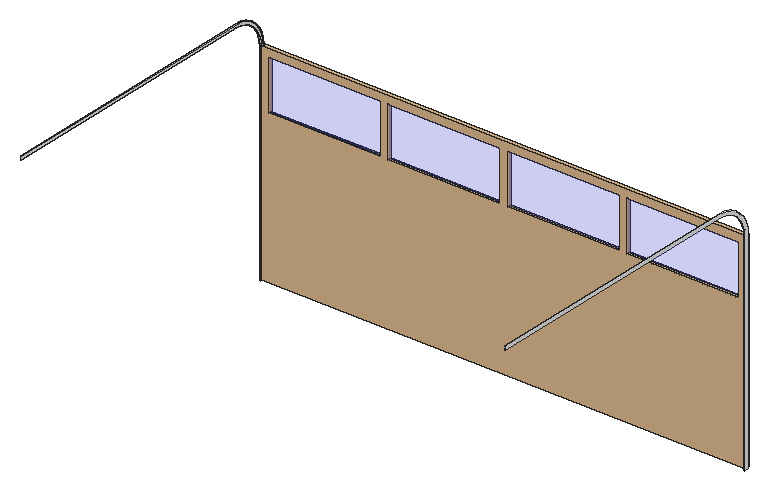
Revit family
Parameters (values of type "7Ft H x 16Ft W")
  Track Width = Width + 0' 2"  # 16' - 2"
  Track Height = Height + 1' 0"  # 8' - 0"
  Track Depth = 10' - 0"
  Track = Metal
  SmartBIM Object Version = 1  # constant formula
  SmartBIM Object Created By = "Reed Construction Data"  # constant formula
  Rough Width = 0' - 0"
  Rough Height = 0' - 0"
  Panel Thickness = 0' - 1 1/2"
  Manufacturer = ""
  Height = 7' - 0"
  Wall Closure = (empty or 0)
  Width = 16' - 0"
  Door Glass = Glass
  Door = Wood
  95 CSI = "08360"  # constant formula
  04 CSI = "08 36 13"  # constant formula
Types (3): name | Track Width | Width
  (no name) | 16' - 2" | 16' - 0"
  7Ft H x 8Ft W | 8' - 2" | 8' - 0"
  7Ft H x 16Ft W | 16' - 2" | 16' - 0"
Reference planes (in)
  plane 1 "Center (Front/Back)": y = 0
  plane 2 "Center (Left/Right)": x = 0
  plane 3 "Left": x = -96
  plane 4 "Right": x = 96
  plane 5 "Top": z = 84
  plane 6: x = -97
  plane 7: x = 97
  plane 8: y = -3.25
  plane 9: z = 60.75
  plane 10: z = 20.25
  plane 11: z = 40.5
  plane 12: z = 81
  plane 13: x = 48
  plane 14: x = -48
  plane 15: y = -2.5
  plane 16: y = -2.5
  plane 17 "Ext": y = -3.25
  plane 18: y = -2.5
  plane 19 "Int": y = -1.75
Forms (in)
  Extrusion 1, solid, material "Wood" <- "Door"
    sketch origin (0, 0, 0) x (1, 0, 0) y (0, 0, 1)
      loop
        line (-97, 84) -> (-97, 0) -> (97, 0) -> (97, 84) -> (-97, 84)
      loop
        line (94.5, 60.75) -> (94.5, 81) -> (49.5, 81) -> (49.5, 60.75) -> (94.5, 60.75)
      loop
        line (46.5, 60.75) -> (46.5, 81) -> (1.5, 81) -> (1.5, 60.75) -> (46.5, 60.75)
      loop
        line (-49.5, 60.75) -> (-49.5, 81) -> (-94.5, 81) -> (-94.5, 60.75) -> (-49.5, 60.75)
      loop
        line (-1.5, 81) -> (-46.5, 81) -> (-46.5, 60.75) -> (-1.5, 60.75) -> (-1.5, 81)
    from 1.75 to 3.25
  Extrusion 2, solid, material "Glass" <- "Door Glass"
    sketch origin (0, 0, 0) x (1, 0, 0) y (0, 0, 1)
      loop
        line (94.5, 81) -> (49.5, 81) -> (49.5, 60.75) -> (94.5, 60.75) -> (94.5, 81)
      loop
        line (46.5, 81) -> (1.5, 81) -> (1.5, 60.75) -> (46.5, 60.75) -> (46.5, 81)
      loop
        line (-1.5, 81) -> (-46.5, 81) -> (-46.5, 60.75) -> (-1.5, 60.75) -> (-1.5, 81)
      loop
        line (-49.5, 81) -> (-94.5, 81) -> (-94.5, 60.75) -> (-49.5, 60.75) -> (-49.5, 81)
    from 2.375 to 2.625
Lines and regions (in)
  Opening 1
    outline origin (-90, -1.75, 0) x (1, 0, 0) y (0, 0, 1)
      loop
        line (-6, 0) -> (186, 0) -> (186, 84) -> (-6, 84) -> (-6, 0)
  model lines
    curve 1: line (49.5, -3.25, 59.25) -> (49.5, -3.25, 42)
    curve 2: line (49.5, -3.25, 42) -> (94.5, -3.25, 42)
    curve 3: line (94.5, -3.25, 42) -> (94.5, -3.25, 59.25)
    curve 4: line (94.5, -3.25, 59.25) -> (49.5, -3.25, 59.25)
    curve 5: line (93, -3.25, 57.75) -> (51, -3.25, 57.75)
    curve 6: line (51, -3.25, 57.75) -> (51, -3.25, 43.5)
    curve 7: line (51, -3.25, 43.5) -> (93, -3.25, 43.5)
    curve 8: line (93, -3.25, 43.5) -> (93, -3.25, 57.75)
    curve 9: line (1.5, -3.25, 59.25) -> (1.5, -3.25, 42)
    curve 10: line (1.5, -3.25, 42) -> (46.5, -3.25, 42)
    curve 11: line (46.5, -3.25, 42) -> (46.5, -3.25, 59.25)
    curve 12: line (46.5, -3.25, 59.25) -> (1.5, -3.25, 59.25)
    curve 13: line (45, -3.25, 57.75) -> (3, -3.25, 57.75)
    curve 14: line (3, -3.25, 57.75) -> (3, -3.25, 43.5)
    curve 15: line (3, -3.25, 43.5) -> (45, -3.25, 43.5)
    curve 16: line (45, -3.25, 43.5) -> (45, -3.25, 57.75)
    curve 17: line (-1.5, -3.25, 59.25) -> (-1.5, -3.25, 42)
    curve 18: line (-1.5, -3.25, 42) -> (-46.5, -3.25, 42)
    curve 19: line (-46.5, -3.25, 42) -> (-46.5, -3.25, 59.25)
    curve 20: line (-46.5, -3.25, 59.25) -> (-1.5, -3.25, 59.25)
    curve 21: line (-45, -3.25, 57.75) -> (-3, -3.25, 57.75)
    curve 22: line (-3, -3.25, 57.75) -> (-3, -3.25, 43.5)
    curve 23: line (-3, -3.25, 43.5) -> (-45, -3.25, 43.5)
    curve 24: line (-45, -3.25, 43.5) -> (-45, -3.25, 57.75)
    curve 25: line (-94.5, -3.25, 59.25) -> (-94.5, -3.25, 42)
    curve 26: line (-94.5, -3.25, 42) -> (-49.5, -3.25, 42)
    curve 27: line (-49.5, -3.25, 42) -> (-49.5, -3.25, 59.25)
    curve 28: line (-49.5, -3.25, 59.25) -> (-94.5, -3.25, 59.25)
    curve 29: line (-51, -3.25, 57.75) -> (-93, -3.25, 57.75)
    curve 30: line (-93, -3.25, 57.75) -> (-93, -3.25, 43.5)
    curve 31: line (-93, -3.25, 43.5) -> (-51, -3.25, 43.5)
    curve 32: line (-51, -3.25, 43.5) -> (-51, -3.25, 57.75)
    curve 33: line (-94.5, -3.25, 39) -> (-94.5, -3.25, 21.75)
    curve 34: line (-94.5, -3.25, 21.75) -> (-49.5, -3.25, 21.75)
    curve 35: line (-49.5, -3.25, 21.75) -> (-49.5, -3.25, 39)
    curve 36: line (-49.5, -3.25, 39) -> (-94.5, -3.25, 39)
    curve 37: line (-51, -3.25, 37.5) -> (-93, -3.25, 37.5)
    curve 38: line (-93, -3.25, 37.5) -> (-93, -3.25, 23.25)
    curve 39: line (-93, -3.25, 23.25) -> (-51, -3.25, 23.25)
    curve 40: line (-51, -3.25, 23.25) -> (-51, -3.25, 37.5)
    curve 41: line (-46.5, -3.25, 39) -> (-46.5, -3.25, 21.75)
    curve 42: line (-46.5, -3.25, 21.75) -> (-1.5, -3.25, 21.75)
    curve 43: line (-1.5, -3.25, 21.75) -> (-1.5, -3.25, 39)
    curve 44: line (-1.5, -3.25, 39) -> (-46.5, -3.25, 39)
    curve 45: line (-3, -3.25, 37.5) -> (-45, -3.25, 37.5)
    curve 46: line (-45, -3.25, 37.5) -> (-45, -3.25, 23.25)
    curve 47: line (-45, -3.25, 23.25) -> (-3, -3.25, 23.25)
    curve 48: line (-3, -3.25, 23.25) -> (-3, -3.25, 37.5)
    curve 49: line (46.5, -3.25, 39) -> (46.5, -3.25, 21.75)
    curve 50: line (46.5, -3.25, 21.75) -> (1.5, -3.25, 21.75)
    curve 51: line (1.5, -3.25, 21.75) -> (1.5, -3.25, 39)
    curve 52: line (1.5, -3.25, 39) -> (46.5, -3.25, 39)
    curve 53: line (3, -3.25, 37.5) -> (45, -3.25, 37.5)
    curve 54: line (45, -3.25, 37.5) -> (45, -3.25, 23.25)
    curve 55: line (45, -3.25, 23.25) -> (3, -3.25, 23.25)
    curve 56: line (3, -3.25, 23.25) -> (3, -3.25, 37.5)
    curve 57: line (49.5, -3.25, 39) -> (49.5, -3.25, 21.75)
    curve 58: line (49.5, -3.25, 21.75) -> (94.5, -3.25, 21.75)
    curve 59: line (94.5, -3.25, 21.75) -> (94.5, -3.25, 39)
    curve 60: line (94.5, -3.25, 39) -> (49.5, -3.25, 39)
    curve 61: line (93, -3.25, 37.5) -> (51, -3.25, 37.5)
    curve 62: line (51, -3.25, 37.5) -> (51, -3.25, 23.25)
    curve 63: line (51, -3.25, 23.25) -> (93, -3.25, 23.25)
    curve 64: line (93, -3.25, 23.25) -> (93, -3.25, 37.5)
    curve 65: line (-94.5, -3.25, 1.5) -> (-94.5, -3.25, 18.75)
    curve 66: line (-94.5, -3.25, 18.75) -> (-49.5, -3.25, 18.75)
    curve 67: line (-49.5, -3.25, 18.75) -> (-49.5, -3.25, 1.5)
    curve 68: line (-49.5, -3.25, 1.5) -> (-94.5, -3.25, 1.5)
    curve 69: line (-51, -3.25, 3) -> (-93, -3.25, 3)
    curve 70: line (-93, -3.25, 3) -> (-93, -3.25, 17.25)
    curve 71: line (-93, -3.25, 17.25) -> (-51, -3.25, 17.25)
    curve 72: line (-51, -3.25, 17.25) -> (-51, -3.25, 3)
    curve 73: line (-1.5, -3.25, 1.5) -> (-1.5, -3.25, 18.75)
    curve 74: line (-1.5, -3.25, 18.75) -> (-46.5, -3.25, 18.75)
    curve 75: line (-46.5, -3.25, 18.75) -> (-46.5, -3.25, 1.5)
    curve 76: line (-46.5, -3.25, 1.5) -> (-1.5, -3.25, 1.5)
    curve 77: line (-45, -3.25, 3) -> (-3, -3.25, 3)
    curve 78: line (-3, -3.25, 3) -> (-3, -3.25, 17.25)
    curve 79: line (-3, -3.25, 17.25) -> (-45, -3.25, 17.25)
    curve 80: line (-45, -3.25, 17.25) -> (-45, -3.25, 3)
    curve 81: line (1.5, -3.25, 1.5) -> (1.5, -3.25, 18.75)
    curve 82: line (1.5, -3.25, 18.75) -> (46.5, -3.25, 18.75)
    curve 83: line (46.5, -3.25, 18.75) -> (46.5, -3.25, 1.5)
    curve 84: line (46.5, -3.25, 1.5) -> (1.5, -3.25, 1.5)
    curve 85: line (45, -3.25, 3) -> (3, -3.25, 3)
    curve 86: line (3, -3.25, 3) -> (3, -3.25, 17.25)
    curve 87: line (3, -3.25, 17.25) -> (45, -3.25, 17.25)
    curve 88: line (45, -3.25, 17.25) -> (45, -3.25, 3)
    curve 89: line (94.5, -3.25, 1.5) -> (94.5, -3.25, 18.75)
    curve 90: line (94.5, -3.25, 18.75) -> (49.5, -3.25, 18.75)
    curve 91: line (49.5, -3.25, 18.75) -> (49.5, -3.25, 1.5)
    curve 92: line (49.5, -3.25, 1.5) -> (94.5, -3.25, 1.5)
    curve 93: line (51, -3.25, 3) -> (93, -3.25, 3)
    curve 94: line (93, -3.25, 3) -> (93, -3.25, 17.25)
    curve 95: line (93, -3.25, 17.25) -> (51, -3.25, 17.25)
    curve 96: line (51, -3.25, 17.25) -> (51, -3.25, 3)
    curve 97: line (49.5, -1.75, 59.25) -> (49.5, -1.75, 42)
    curve 98: line (49.5, -1.75, 42) -> (94.5, -1.75, 42)
    curve 99: line (94.5, -1.75, 42) -> (94.5, -1.75, 59.25)
    curve 100: line (94.5, -1.75, 59.25) -> (49.5, -1.75, 59.25)
    curve 101: line (93, -1.75, 57.75) -> (51, -1.75, 57.75)
    curve 102: line (51, -1.75, 57.75) -> (51, -1.75, 43.5)
    curve 103: line (51, -1.75, 43.5) -> (93, -1.75, 43.5)
    curve 104: line (93, -1.75, 43.5) -> (93, -1.75, 57.75)
    curve 105: line (1.5, -1.75, 59.25) -> (1.5, -1.75, 42)
    curve 106: line (1.5, -1.75, 42) -> (46.5, -1.75, 42)
    curve 107: line (46.5, -1.75, 42) -> (46.5, -1.75, 59.25)
    curve 108: line (46.5, -1.75, 59.25) -> (1.5, -1.75, 59.25)
    curve 109: line (45, -1.75, 57.75) -> (3, -1.75, 57.75)
    curve 110: line (3, -1.75, 57.75) -> (3, -1.75, 43.5)
    curve 111: line (3, -1.75, 43.5) -> (45, -1.75, 43.5)
    curve 112: line (45, -1.75, 43.5) -> (45, -1.75, 57.75)
    curve 113: line (-1.5, -1.75, 59.25) -> (-1.5, -1.75, 42)
    curve 114: line (-1.5, -1.75, 42) -> (-46.5, -1.75, 42)
    curve 115: line (-46.5, -1.75, 42) -> (-46.5, -1.75, 59.25)
    curve 116: line (-46.5, -1.75, 59.25) -> (-1.5, -1.75, 59.25)
    curve 117: line (-45, -1.75, 57.75) -> (-3, -1.75, 57.75)
    curve 118: line (-3, -1.75, 57.75) -> (-3, -1.75, 43.5)
    curve 119: line (-3, -1.75, 43.5) -> (-45, -1.75, 43.5)
    curve 120: line (-45, -1.75, 43.5) -> (-45, -1.75, 57.75)
    curve 121: line (-94.5, -1.75, 59.25) -> (-94.5, -1.75, 42)
    curve 122: line (-94.5, -1.75, 42) -> (-49.5, -1.75, 42)
    curve 123: line (-49.5, -1.75, 42) -> (-49.5, -1.75, 59.25)
    curve 124: line (-49.5, -1.75, 59.25) -> (-94.5, -1.75, 59.25)
    curve 125: line (-51, -1.75, 57.75) -> (-93, -1.75, 57.75)
    curve 126: line (-93, -1.75, 57.75) -> (-93, -1.75, 43.5)
    curve 127: line (-93, -1.75, 43.5) -> (-51, -1.75, 43.5)
    curve 128: line (-51, -1.75, 43.5) -> (-51, -1.75, 57.75)
    curve 129: line (-94.5, -1.75, 39) -> (-94.5, -1.75, 21.75)
    curve 130: line (-94.5, -1.75, 21.75) -> (-49.5, -1.75, 21.75)
    curve 131: line (-49.5, -1.75, 21.75) -> (-49.5, -1.75, 39)
    curve 132: line (-49.5, -1.75, 39) -> (-94.5, -1.75, 39)
    curve 133: line (-51, -1.75, 37.5) -> (-93, -1.75, 37.5)
    curve 134: line (-93, -1.75, 37.5) -> (-93, -1.75, 23.25)
    curve 135: line (-93, -1.75, 23.25) -> (-51, -1.75, 23.25)
    curve 136: line (-51, -1.75, 23.25) -> (-51, -1.75, 37.5)
    curve 137: line (-46.5, -1.75, 39) -> (-46.5, -1.75, 21.75)
    curve 138: line (-46.5, -1.75, 21.75) -> (-1.5, -1.75, 21.75)
    curve 139: line (-1.5, -1.75, 21.75) -> (-1.5, -1.75, 39)
    curve 140: line (-1.5, -1.75, 39) -> (-46.5, -1.75, 39)
    curve 141: line (-3, -1.75, 37.5) -> (-45, -1.75, 37.5)
    curve 142: line (-45, -1.75, 37.5) -> (-45, -1.75, 23.25)
    curve 143: line (-45, -1.75, 23.25) -> (-3, -1.75, 23.25)
    curve 144: line (-3, -1.75, 23.25) -> (-3, -1.75, 37.5)
    curve 145: line (46.5, -1.75, 39) -> (46.5, -1.75, 21.75)
    curve 146: line (46.5, -1.75, 21.75) -> (1.5, -1.75, 21.75)
    curve 147: line (1.5, -1.75, 21.75) -> (1.5, -1.75, 39)
    curve 148: line (1.5, -1.75, 39) -> (46.5, -1.75, 39)
    curve 149: line (3, -1.75, 37.5) -> (45, -1.75, 37.5)
    curve 150: line (45, -1.75, 37.5) -> (45, -1.75, 23.25)
    curve 151: line (45, -1.75, 23.25) -> (3, -1.75, 23.25)
    curve 152: line (3, -1.75, 23.25) -> (3, -1.75, 37.5)
    curve 153: line (49.5, -1.75, 39) -> (49.5, -1.75, 21.75)
    curve 154: line (49.5, -1.75, 21.75) -> (94.5, -1.75, 21.75)
    curve 155: line (94.5, -1.75, 21.75) -> (94.5, -1.75, 39)
    curve 156: line (94.5, -1.75, 39) -> (49.5, -1.75, 39)
    curve 157: line (93, -1.75, 37.5) -> (51, -1.75, 37.5)
    curve 158: line (51, -1.75, 37.5) -> (51, -1.75, 23.25)
    curve 159: line (51, -1.75, 23.25) -> (93, -1.75, 23.25)
    curve 160: line (93, -1.75, 23.25) -> (93, -1.75, 37.5)
    curve 161: line (-94.5, -1.75, 1.5) -> (-94.5, -1.75, 18.75)
    curve 162: line (-94.5, -1.75, 18.75) -> (-49.5, -1.75, 18.75)
    curve 163: line (-49.5, -1.75, 18.75) -> (-49.5, -1.75, 1.5)
    curve 164: line (-49.5, -1.75, 1.5) -> (-94.5, -1.75, 1.5)
    curve 165: line (-51, -1.75, 3) -> (-93, -1.75, 3)
    curve 166: line (-93, -1.75, 3) -> (-93, -1.75, 17.25)
    curve 167: line (-93, -1.75, 17.25) -> (-51, -1.75, 17.25)
    curve 168: line (-51, -1.75, 17.25) -> (-51, -1.75, 3)
    curve 169: line (-1.5, -1.75, 1.5) -> (-1.5, -1.75, 18.75)
    curve 170: line (-1.5, -1.75, 18.75) -> (-46.5, -1.75, 18.75)
    curve 171: line (-46.5, -1.75, 18.75) -> (-46.5, -1.75, 1.5)
    curve 172: line (-46.5, -1.75, 1.5) -> (-1.5, -1.75, 1.5)
    curve 173: line (-45, -1.75, 3) -> (-3, -1.75, 3)
    curve 174: line (-3, -1.75, 3) -> (-3, -1.75, 17.25)
    curve 175: line (-3, -1.75, 17.25) -> (-45, -1.75, 17.25)
    curve 176: line (-45, -1.75, 17.25) -> (-45, -1.75, 3)
    curve 177: line (1.5, -1.75, 1.5) -> (1.5, -1.75, 18.75)
    curve 178: line (1.5, -1.75, 18.75) -> (46.5, -1.75, 18.75)
    curve 179: line (46.5, -1.75, 18.75) -> (46.5, -1.75, 1.5)
    curve 180: line (46.5, -1.75, 1.5) -> (1.5, -1.75, 1.5)
    curve 181: line (45, -1.75, 3) -> (3, -1.75, 3)
    curve 182: line (3, -1.75, 3) -> (3, -1.75, 17.25)
    curve 183: line (3, -1.75, 17.25) -> (45, -1.75, 17.25)
    curve 184: line (45, -1.75, 17.25) -> (45, -1.75, 3)
    curve 185: line (94.5, -1.75, 1.5) -> (94.5, -1.75, 18.75)
    curve 186: line (94.5, -1.75, 18.75) -> (49.5, -1.75, 18.75)
    curve 187: line (49.5, -1.75, 18.75) -> (49.5, -1.75, 1.5)
    curve 188: line (49.5, -1.75, 1.5) -> (94.5, -1.75, 1.5)
    curve 189: line (51, -1.75, 3) -> (93, -1.75, 3)
    curve 190: line (93, -1.75, 3) -> (93, -1.75, 17.25)
    curve 191: line (93, -1.75, 17.25) -> (51, -1.75, 17.25)
    curve 192: line (51, -1.75, 17.25) -> (51, -1.75, 3)
    curve 193: line (3, -1.75, 57.75) -> (1.5, -1.75, 59.25)
    curve 194: line (3, -1.75, 43.5) -> (1.5, -1.75, 42)
    curve 195: line (45, -1.75, 57.75) -> (46.5, -1.75, 59.25)
    curve 196: line (45, -1.75, 43.5) -> (46.5, -1.75, 42)
    curve 197: line (93, -1.75, 57.75) -> (94.5, -1.75, 59.25)
    curve 198: line (93, -1.75, 43.5) -> (94.5, -1.75, 42)
    curve 199: line (51, -1.75, 57.75) -> (49.5, -1.75, 59.25)
    curve 200: line (51, -1.75, 43.5) -> (49.5, -1.75, 42)
    curve 201: line (93, -1.75, 23.25) -> (94.5, -1.75, 21.75)
    curve 202: line (93, -1.75, 37.5) -> (94.5, -1.75, 39)
    curve 203: line (51, -1.75, 23.25) -> (49.5, -1.75, 21.75)
    curve 204: line (51, -1.75, 37.5) -> (49.5, -1.75, 39)
    curve 205: line (93, -1.75, 17.25) -> (94.5, -1.75, 18.75)
    curve 206: line (93, -1.75, 3) -> (94.5, -1.75, 1.5)
    curve 207: line (51, -1.75, 17.25) -> (49.5, -1.75, 18.75)
    curve 208: line (51, -1.75, 3) -> (49.5, -1.75, 1.5)
    curve 209: line (3, -1.75, 17.25) -> (1.5, -1.75, 18.75)
    curve 210: line (3, -1.75, 3) -> (1.5, -1.75, 1.5)
    curve 211: line (45, -1.75, 17.25) -> (46.5, -1.75, 18.75)
    curve 212: line (45, -1.75, 3) -> (46.5, -1.75, 1.5)
    curve 213: line (-3, -1.75, 17.25) -> (-1.5, -1.75, 18.75)
    curve 214: line (-3, -1.75, 3) -> (-1.5, -1.75, 1.5)
    curve 215: line (-45, -1.75, 17.25) -> (-46.5, -1.75, 18.75)
    curve 216: line (-45, -1.75, 3) -> (-46.5, -1.75, 1.5)
    curve 217: line (-93, -1.75, 17.25) -> (-94.5, -1.75, 18.75)
    curve 218: line (-93, -1.75, 3) -> (-94.5, -1.75, 1.5)
    curve 219: line (-51, -1.75, 17.25) -> (-49.5, -1.75, 18.75)
    curve 220: line (-51, -1.75, 3) -> (-49.5, -1.75, 1.5)
    curve 221: line (-93, -1.75, 23.25) -> (-94.5, -1.75, 21.75)
    curve 222: line (-93, -1.75, 37.5) -> (-94.5, -1.75, 39)
    curve 223: line (-51, -1.75, 23.25) -> (-49.5, -1.75, 21.75)
    curve 224: line (-51, -1.75, 37.5) -> (-49.5, -1.75, 39)
    curve 225: line (-3, -1.75, 23.25) -> (-1.5, -1.75, 21.75)
    curve 226: line (-3, -1.75, 37.5) -> (-1.5, -1.75, 39)
    curve 227: line (-45, -1.75, 23.25) -> (-46.5, -1.75, 21.75)
    curve 228: line (-45, -1.75, 37.5) -> (-46.5, -1.75, 39)
    curve 229: line (3, -1.75, 23.25) -> (1.5, -1.75, 21.75)
    curve 230: line (3, -1.75, 37.5) -> (1.5, -1.75, 39)
    curve 231: line (45, -1.75, 23.25) -> (46.5, -1.75, 21.75)
    curve 232: line (45, -1.75, 37.5) -> (46.5, -1.75, 39)
    curve 233: line (-3, -1.75, 57.75) -> (-1.5, -1.75, 59.25)
    curve 234: line (-3, -1.75, 43.5) -> (-1.5, -1.75, 42)
    curve 235: line (-45, -1.75, 57.75) -> (-46.5, -1.75, 59.25)
    curve 236: line (-45, -1.75, 43.5) -> (-46.5, -1.75, 42)
    curve 237: line (-93, -1.75, 57.75) -> (-94.5, -1.75, 59.25)
    curve 238: line (-93, -1.75, 43.5) -> (-94.5, -1.75, 42)
    curve 239: line (-51, -1.75, 57.75) -> (-49.5, -1.75, 59.25)
    curve 240: line (-51, -1.75, 43.5) -> (-49.5, -1.75, 42)
    curve 241: line (-93, -3.25, 57.75) -> (-94.5, -3.25, 59.25)
    curve 242: line (-51, -3.25, 57.75) -> (-49.5, -3.25, 59.25)
    curve 243: line (-93, -3.25, 43.5) -> (-94.5, -3.25, 42)
    curve 244: line (-51, -3.25, 43.5) -> (-49.5, -3.25, 42)
    curve 245: line (-3, -3.25, 57.75) -> (-1.5, -3.25, 59.25)
    curve 246: line (-45, -3.25, 57.75) -> (-46.5, -3.25, 59.25)
    curve 247: line (-3, -3.25, 43.5) -> (-1.5, -3.25, 42)
    curve 248: line (-45, -3.25, 43.5) -> (-46.5, -3.25, 42)
    curve 249: line (3, -3.25, 57.75) -> (1.5, -3.25, 59.25)
    curve 250: line (45, -3.25, 57.75) -> (46.5, -3.25, 59.25)
    curve 251: line (3, -3.25, 43.5) -> (1.5, -3.25, 42)
    curve 252: line (45, -3.25, 43.5) -> (46.5, -3.25, 42)
    curve 253: line (93, -3.25, 57.75) -> (94.5, -3.25, 59.25)
    curve 254: line (51, -3.25, 57.75) -> (49.5, -3.25, 59.25)
    curve 255: line (93, -3.25, 43.5) -> (94.5, -3.25, 42)
    curve 256: line (51, -3.25, 43.5) -> (49.5, -3.25, 42)
    curve 257: line (93, -3.25, 23.25) -> (94.5, -3.25, 21.75)
    curve 258: line (51, -3.25, 23.25) -> (49.5, -3.25, 21.75)
    curve 259: line (93, -3.25, 37.5) -> (94.5, -3.25, 39)
    curve 260: line (51, -3.25, 37.5) -> (49.5, -3.25, 39)
    curve 261: line (3, -3.25, 23.25) -> (1.5, -3.25, 21.75)
    curve 262: line (45, -3.25, 23.25) -> (46.5, -3.25, 21.75)
    curve 263: line (3, -3.25, 37.5) -> (1.5, -3.25, 39)
    curve 264: line (45, -3.25, 37.5) -> (46.5, -3.25, 39)
    curve 265: line (-3, -3.25, 23.25) -> (-1.5, -3.25, 21.75)
    curve 266: line (-45, -3.25, 23.25) -> (-46.5, -3.25, 21.75)
    curve 267: line (-3, -3.25, 37.5) -> (-1.5, -3.25, 39)
    curve 268: line (-45, -3.25, 37.5) -> (-46.5, -3.25, 39)
    curve 269: line (-93, -3.25, 23.25) -> (-94.5, -3.25, 21.75)
    curve 270: line (-51, -3.25, 23.25) -> (-49.5, -3.25, 21.75)
    curve 271: line (-93, -3.25, 37.5) -> (-94.5, -3.25, 39)
    curve 272: line (-51, -3.25, 37.5) -> (-49.5, -3.25, 39)
    curve 273: line (-93, -3.25, 17.25) -> (-94.5, -3.25, 18.75)
    curve 274: line (-51, -3.25, 17.25) -> (-49.5, -3.25, 18.75)
    curve 275: line (-93, -3.25, 3) -> (-94.5, -3.25, 1.5)
    curve 276: line (-51, -3.25, 3) -> (-49.5, -3.25, 1.5)
    curve 277: line (-3, -3.25, 17.25) -> (-1.5, -3.25, 18.75)
    curve 278: line (-45, -3.25, 17.25) -> (-46.5, -3.25, 18.75)
    curve 279: line (-3, -3.25, 3) -> (-1.5, -3.25, 1.5)
    curve 280: line (-45, -3.25, 3) -> (-46.5, -3.25, 1.5)
    curve 281: line (3, -3.25, 17.25) -> (1.5, -3.25, 18.75)
    curve 282: line (45, -3.25, 17.25) -> (46.5, -3.25, 18.75)
    curve 283: line (3, -3.25, 3) -> (1.5, -3.25, 1.5)
    curve 284: line (45, -3.25, 3) -> (46.5, -3.25, 1.5)
    curve 285: line (93, -3.25, 17.25) -> (94.5, -3.25, 18.75)
    curve 286: line (51, -3.25, 17.25) -> (49.5, -3.25, 18.75)
    curve 287: line (93, -3.25, 3) -> (94.5, -3.25, 1.5)
    curve 288: line (51, -3.25, 3) -> (49.5, -3.25, 1.5)
Text (in)
  text "Exterior" at (-74.96733, 27.31104, 0), in view "Ref. Level"
  text "Interior" at (-76.69036, -30.31274, 0), in view "Ref. Level"
  text "Exterior" at (0, 40.15149, 123.01588), in view "Right"
  text "Interior" at (0, -64.39139, 123.01588), in view "Right"
  text "Interior" at (0, -31.01599, 123.00693), in view "Left"
  text "Exterior" at (0, 54.57065, 123.00693), in view "Left"
Dimensions and locks (in)
  equal spacing: plane 3 "Left", plane 2 "Center (Left/Right)", plane 4 "Right"
  "Height": level to plane 5 "Top"
  "Width": plane 3 "Left" to plane 4 "Right"
  locked: plane 6 to plane 3 "Left" at 1
  locked: plane 4 "Right" to plane 7 at 1
  locked: plane 12 to plane 5 "Top" at 3
  equal spacing: level, plane 10, plane 11, plane 9, plane 12
  equal spacing: plane 2 "Center (Left/Right)", plane 13, plane 4 "Right"
  equal spacing: plane 2 "Center (Left/Right)", plane 14, plane 3 "Left"
  equal spacing: Extrusion 1 sketch curve, plane 2 "Center (Left/Right)", Extrusion 1 sketch curve
  locked: Extrusion 1 sketch curve to Extrusion 1 sketch curve at 3
  locked: Extrusion 2 to Extrusion 2 at 0.25  (x2)
  host wall to plane 15 to plane 8 = 0' - 0 3/4", 0' - 0 3/4"
  equal spacing: Extrusion 2, plane 16, Extrusion 2
  curve 8 to curve 3 to plane 4 "Right" = 0' - 1 1/2" locked, 0' - 1 1/2" locked
  curve 5 to curve 4 to plane 9 = 0' - 1 1/2" locked, 0' - 1 1/2" locked
  curve 6 to curve 1 to plane 13 = 0' - 1 1/2" locked, 0' - 1 1/2" locked
  plane 11 to curve 2 to curve 7 = 0' - 1 1/2" locked, 0' - 1 1/2" locked
  curve 16 to curve 11 to plane 13 = 0' - 1 1/2" locked, 0' - 1 1/2" locked
  curve 14 to curve 9 to plane 2 "Center (Left/Right)" = 0' - 1 1/2" locked, 0' - 1 1/2" locked
  plane 2 "Center (Left/Right)" to curve 17 to curve 22 = 0' - 1 1/2" locked, 0' - 1 1/2" locked
  plane 14 to curve 24 = 0' - 3"
  curve 32 to curve 27 to plane 14 = 0' - 1 1/2" locked, 0' - 1 1/2" locked
  plane 3 "Left" to curve 25 to curve 30 = 0' - 1 1/2" locked, 0' - 1 1/2" locked
  plane 11 to curve 36 to curve 37 = 0' - 1 1/2" locked, 0' - 1 1/2" locked
  curve 39 to curve 34 to plane 10 = 0' - 1 1/2" locked, 0' - 1 1/2" locked
  plane 10 to curve 66 to curve 71 = 0' - 1 1/2" locked, 0' - 1 1/2" locked
  curve 69 to curve 68 to level = 0' - 1 1/2" locked, 0' - 1 1/2" locked
  equal spacing: plane 17 "Ext", plane 18, plane 19 "Int"
  locked: curve 104 to curve 99 at 1.5
  locked: curve 101 to curve 100 at 1.5
  locked: curve 102 to curve 97 at 1.5
  locked: curve 98 to curve 103 at 1.5
  locked: curve 112 to curve 107 at 1.5
  locked: curve 110 to curve 105 at 1.5
  locked: curve 113 to curve 118 at 1.5
  locked: curve 128 to curve 123 at 1.5
  locked: curve 121 to curve 126 at 1.5
  locked: curve 132 to curve 133 at 1.5
  locked: curve 135 to curve 130 at 1.5
  locked: curve 162 to curve 167 at 1.5
  locked: curve 165 to curve 164 at 1.5
  "Panel Thickness": plane 19 "Int" to plane 17 "Ext"
  plane 13 to plane 4 "Right" = 4' - 0"
  plane 13 to plane 2 "Center (Left/Right)" = 4' - 0"
  plane 2 "Center (Left/Right)" to plane 14 = 4' - 0"
  plane 3 "Left" to plane 14 = 4' - 0"
  plane 12 to plane 9 = 1' - 8 1/4"
  aligned and locked: plane 3 "Left" to Opening 1 sketch curve
  aligned and locked: plane 5 "Top" to Opening 1 sketch curve
  aligned and locked: Opening 1 sketch curve to plane 5 "Top"
  aligned and locked: Opening 1 sketch curve to plane 4 "Right"
  aligned and locked: Opening 1 sketch curve to level
  aligned and locked: Extrusion 1 sketch curve to plane 6
  aligned and locked: Extrusion 1 sketch curve to plane 7
  aligned and locked: Extrusion 1 sketch curve to level
  aligned and locked: Extrusion 1 sketch curve to host wall
  aligned and locked: plane 12 to Extrusion 1 sketch curve  (x2)
  aligned and locked: Extrusion 1 sketch curve to plane 9
  aligned and locked: Extrusion 2 sketch curve to Extrusion 1  (x7)
  aligned and locked: plane 15 to plane 16
  aligned and locked: curve 30 to curve 38
  aligned and locked: curve 25 to curve 33
  aligned and locked: curve 40 to curve 32
  aligned and locked: curve 35 to curve 27
  aligned and locked: curve 19 to curve 41
  aligned and locked: curve 24 to curve 46
  aligned and locked: curve 44 to curve 36
  aligned and locked: curve 45 to curve 37
  aligned and locked: curve 39 to curve 47
  aligned and locked: curve 34 to curve 42
  aligned and locked: curve 48 to curve 22
  aligned and locked: curve 43 to curve 17
  aligned and locked: curve 44 to curve 52
  aligned and locked: curve 45 to curve 53
  aligned and locked: curve 55 to curve 47
  aligned and locked: curve 50 to curve 42
  aligned and locked: curve 51 to curve 9
  aligned and locked: curve 56 to curve 14
  aligned and locked: curve 11 to curve 49
  aligned and locked: curve 16 to curve 54
  aligned and locked: curve 60 to curve 52
  aligned and locked: curve 61 to curve 53
  aligned and locked: curve 55 to curve 63
  aligned and locked: curve 50 to curve 58
  aligned and locked: curve 1 to curve 57
  aligned and locked: curve 6 to curve 62
  aligned and locked: curve 64 to curve 8
  aligned and locked: curve 59 to curve 3
  aligned and locked: curve 65 to curve 33
  aligned and locked: curve 70 to curve 38
  aligned and locked: curve 40 to curve 72
  aligned and locked: curve 35 to curve 67
  aligned and locked: curve 68 to curve 76
  aligned and locked: curve 74 to curve 66
  aligned and locked: curve 41 to curve 75
  aligned and locked: curve 46 to curve 80
  aligned and locked: curve 78 to curve 48
  aligned and locked: curve 73 to curve 43
  aligned and locked: curve 81 to curve 51
  aligned and locked: curve 86 to curve 56
  aligned and locked: curve 54 to curve 88
  aligned and locked: curve 49 to curve 83
  aligned and locked: curve 74 to curve 82
  aligned and locked: curve 79 to curve 87
  aligned and locked: curve 84 to curve 76
  aligned and locked: curve 85 to curve 77
  aligned and locked: curve 90 to curve 82
  aligned and locked: curve 95 to curve 87
  aligned and locked: curve 84 to curve 92
  aligned and locked: curve 85 to curve 93
  aligned and locked: curve 57 to curve 91
  aligned and locked: curve 62 to curve 96
  aligned and locked: curve 94 to curve 64
  aligned and locked: curve 89 to curve 59
  aligned and locked: host wall to plane 19 "Int"
  aligned and locked: plane 16 to plane 18
  aligned and locked: plane 17 "Ext" to Extrusion 1
  aligned and locked: Extrusion 1 to host wall
  aligned and locked: curve 241 to curve 237
  aligned and locked: Extrusion 2 sketch curve to plane 9  (x3)
  aligned and locked: plane 12 to Extrusion 2 sketch curve  (x2)
  aligned and locked: nested 1 to plane 2 "Center (Left/Right)"
  aligned and locked: nested 1 to plane 17 "Ext"
Automatic sketch dimensions
  curve 124 to plane 3 "Left" = 0' - 1 1/2"
  curve 222 to plane 3 "Left" = 0' - 1 1/2"
  curve 218 to plane 3 "Left" = 0' - 1 1/2"
  curve 161 to curve 217 = 0' - 1 1/2"
  curve 129 to curve 222 = 0' - 1 1/2"
  plane 14 to curve 135 = 0' - 3"
  plane 14 to curve 168 = 0' - 3"
  plane 14 to curve 128 = 0' - 3"
  plane 14 to curve 164 = 0' - 1 1/2"
  plane 14 to curve 224 = 0' - 1 1/2"
  curve 115 to plane 14 = 0' - 1 1/2"
  curve 216 to plane 14 = 0' - 1 1/2"
  curve 227 to plane 14 = 0' - 1 1/2"
  curve 137 to curve 142 = 0' - 1 1/2"
  curve 114 to curve 119 = 0' - 1 1/2"
  curve 171 to curve 173 = 0' - 1 1/2"
  curve 119 to plane 2 "Center (Left/Right)" = 0' - 3"
  curve 214 to plane 2 "Center (Left/Right)" = 0' - 3"
  curve 226 to plane 2 "Center (Left/Right)" = 0' - 3"
  curve 169 to plane 2 "Center (Left/Right)" = 0' - 1 1/2"
  curve 140 to plane 2 "Center (Left/Right)" = 0' - 1 1/2"
  plane 2 "Center (Left/Right)" to curve 194 = 0' - 1 1/2"
  plane 2 "Center (Left/Right)" to curve 230 = 0' - 1 1/2"
  plane 2 "Center (Left/Right)" to curve 210 = 0' - 1 1/2"
  curve 177 to curve 209 = 0' - 1 1/2"
  curve 147 to curve 152 = 0' - 1 1/2"
  plane 13 to curve 184 = 0' - 3"
  plane 13 to curve 196 = 0' - 3"
  plane 13 to curve 150 = 0' - 3"
  plane 13 to curve 212 = 0' - 1 1/2"
  plane 13 to curve 145 = 0' - 1 1/2"
  curve 203 to plane 13 = 0' - 1 1/2"
  curve 186 to plane 13 = 0' - 1 1/2"
  curve 200 to plane 13 = 0' - 1 1/2"
  curve 187 to curve 208 = 0' - 1 1/2"
  curve 153 to curve 159 = 0' - 1 1/2"
  plane 4 "Right" to curve 190 = 0' - 3"
  plane 4 "Right" to curve 197 = 0' - 3"
  plane 4 "Right" to curve 201 = 0' - 3"
  plane 4 "Right" to curve 205 = 0' - 1 1/2"
  plane 4 "Right" to curve 202 = 0' - 1 1/2"
  level to curve 169 = 0' - 1 1/2"
  level to curve 218 = 0' - 1 1/2"
  level to curve 212 = 0' - 1 1/2"
  level to curve 206 = 0' - 1 1/2"
  curve 177 to curve 210 = 0' - 1 1/2"
  curve 171 to curve 176 = 0' - 1 1/2"
  curve 185 to curve 190 = 0' - 1 1/2"
  curve 217 to plane 10 = 0' - 3"
  curve 205 to plane 10 = 0' - 3"
  curve 215 to plane 10 = 0' - 3"
  curve 209 to plane 10 = 0' - 3"
  curve 177 to plane 10 = 0' - 1 1/2"
  curve 207 to plane 10 = 0' - 1 1/2"
  curve 170 to plane 10 = 0' - 1 1/2"
  plane 10 to curve 201 = 0' - 1 1/2"
  plane 10 to curve 145 = 0' - 1 1/2"
  plane 10 to curve 129 = 0' - 1 1/2"
  plane 10 to curve 139 = 0' - 1 1/2"
  curve 145 to curve 231 = 0' - 1 1/2"
  curve 153 to curve 158 = 0' - 1 1/2"
  curve 138 to curve 144 = 0' - 1 1/2"
  curve 204 to plane 11 = 0' - 3"
  curve 226 to plane 11 = 0' - 3"
  curve 224 to plane 11 = 0' - 3"
  curve 230 to plane 11 = 0' - 3"
  curve 139 to plane 11 = 0' - 1 1/2"
  curve 145 to plane 11 = 0' - 1 1/2"
  curve 202 to plane 11 = 0' - 1 1/2"
  plane 11 to curve 107 = 0' - 1 1/2"
  plane 11 to curve 113 = 0' - 1 1/2"
  plane 11 to curve 121 = 0' - 1 1/2"
  plane 11 to curve 198 = 0' - 1 1/2"
  curve 122 to curve 240 = 0' - 1 1/2"
  curve 105 to curve 110 = 0' - 1 1/2"
  curve 113 to curve 118 = 0' - 1 1/2"
  curve 120 to plane 9 = 0' - 3"
  curve 125 to plane 9 = 0' - 3"
  curve 101 to plane 9 = 0' - 3"
  curve 112 to plane 9 = 0' - 3"
  curve 105 to plane 9 = 0' - 1 1/2"
  curve 113 to plane 9 = 0' - 1 1/2"
  curve 121 to plane 9 = 0' - 1 1/2"
  Extrusion 1 sketch curve to plane 9 = 0' - 0"  (x3)
  Extrusion 1 sketch curve to plane 12 = 0' - 0"  (x2)
  curve 19 to plane 14 = 0' - 1 1/2"
  curve 83 to curve 284 = 0' - 1 1/2"
  curve 286 to curve 90 = 0' - 1 1/2"
  plane 11 to curve 19 = 0' - 1 1/2"
  plane 11 to curve 25 = 0' - 1 1/2"
  plane 11 to curve 9 = 0' - 1 1/2"
  curve 26 to curve 32 = 0' - 1 1/2"
  curve 9 to curve 251 = 0' - 1 1/2"
  curve 18 to curve 248 = 0' - 1 1/2"
  curve 22 to plane 9 = 0' - 3"
  curve 13 to plane 9 = 0' - 3"
  curve 250 to plane 9 = 0' - 1 1/2"
  curve 246 to plane 9 = 0' - 1 1/2"
  plane 4 "Right" to Extrusion 1 sketch curve = 0' - 1 1/2"
  Extrusion 1 sketch curve to plane 3 "Left" = 0' - 1 1/2"
  plane 14 to Extrusion 1 sketch curve = 0' - 1 1/2"
  Extrusion 1 sketch curve to plane 14 = 0' - 1 1/2"
  plane 13 to Extrusion 1 sketch curve = 0' - 1 1/2"
  Extrusion 1 sketch curve to plane 13 = 0' - 1 1/2"
  Extrusion 2 sketch curve to plane 3 "Left" = 0' - 1 1/2"
  Extrusion 2 sketch curve to plane 14 = 0' - 1 1/2"
  Extrusion 2 sketch curve to plane 2 "Center (Left/Right)" = 0' - 1 1/2"
  Extrusion 2 sketch curve to plane 13 = 0' - 1 1/2"
Nested families (in)
  nested 1: "Door Track" at (-0.5, -64, 0), Width <- "Track Width", Height <- "Track Height", Depth <- "Track Depth", type "Door Track"
    with Width 16' - 2", Height 8' - 0", Depth 10' - 0"
Definition of nested family "Door Track"
  Parameters
    Width [instance] = 10' - 0"
    Track = Metal
    Height [instance] = 11' - 0"
    Depth [instance] = 10' - 0"
  Reference planes (in)
    plane 1 "Center (Front/Back)": y = 0
    plane 2: z = 0
    plane 3 "Center (Left/Right)": x = 0.5
    plane 4 "Back": y = 60
    plane 5 "Front": y = -60
    plane 6 "Left": x = -59.5
    plane 7 "Right": x = 60.5
    plane 8 "Top": z = 132
    plane 9 "Center (Up/Down)": z = 66
    plane 10: y = 60.75
    plane 11: y = 61.5
  Forms (in)
    Sweep 1, solid, material "Metal" <- "Track"
      path origin (60.5, 60, 48) x (0, 1, 0) y (0, 0, 1)
        loop
          line (0, -48) -> (0, 72)
          arc (0, 72) -> (-3.51472, 80.48528) -> (-12, 84) r 12
          line (-12, 84) -> (-120, 84)
      profile origin (60.5, -6, 132) x (0, 0, -1) y (1, 0, 0)
        loop
          line (-1.5, 0) -> (-1.375, 0) -> (-1.375, 0.375) -> (-0.125, 0.375) -> (-0.125, 0) -> (0, 0) -> (0, 0.5) -> (-1.5, 0.5) -> (-1.5, 0)
    Sweep 2, solid, material "Metal" <- "Track"
      path origin (-59.5, 60, 48) x (0, 1, 0) y (0, 0, 1)
        loop
          line (0, -48) -> (0, 72)
          arc (0, 72) -> (-3.51472, 80.48528) -> (-12, 84) r 12
          line (-12, 84) -> (-120, 84)
      profile origin (-59.5, -6, 132) x (0, 0, -1) y (1, 0, 0)
        loop
          line (-1.5, 0) -> (-1.5, -0.5) -> (0, -0.5) -> (0, 0) -> (-0.125, 0) -> (-0.125, -0.375) -> (-1.375, -0.375) -> (-1.375, 0) -> (-1.5, 0)
  Dimensions and locks (in)
    equal spacing: plane 6 "Left", plane 3 "Center (Left/Right)", plane 7 "Right"
    "Width": plane 6 "Left" to plane 7 "Right"
    equal spacing: plane 4 "Back", plane 1 "Center (Front/Back)", plane 5 "Front"
    "Depth": plane 4 "Back" to plane 5 "Front"
    "Height": plane 8 "Top" to plane 2
    equal spacing: plane 8 "Top", plane 9 "Center (Up/Down)", level
    locked: Sweep 2 sketch curve to Sweep 2 sketch curve at 0.125  (x3)
    locked: Sweep 2 sketch curve to Sweep 2 sketch curve at 0.5  (x2)
    locked: Sweep 2 sketch curve to Sweep 2 sketch curve at 1.5
    locked: Sweep 1 sketch curve to Sweep 1 sketch curve at 0.5  (x2)
    locked: Sweep 1 sketch curve to Sweep 1 sketch curve at 0.125  (x3)
    locked: Sweep 1 sketch curve to Sweep 1 sketch curve at 1.5
    equal spacing: plane 4 "Back", plane 10, plane 11
    locked: plane 10 to plane 11 at 0.75
    radius of Sweep 1 sketch curve = 1' - 0"
    radius of Sweep 2 sketch curve = 1' - 0"
    aligned and locked: plane 8 "Top" to Sweep 1 sketch curve  (x2)
    aligned and locked: plane 5 "Front" to Sweep 1 sketch curve
    aligned and locked: plane 4 "Back" to Sweep 1 sketch curve
    aligned and locked: plane 4 "Back" to Sweep 2 sketch curve
    aligned and locked: plane 5 "Front" to Sweep 2 sketch curve
    aligned and locked: level to Sweep 2 sketch curve
    aligned and locked: Sweep 2 sketch curve to profile plane  (x2)
    aligned and locked: Sweep 1 sketch curve to profile plane
    aligned and locked: plane 11 to Sweep 1
  Automatic sketch dimensions
    Sweep 1 sketch curve to level = 0' - 0"
    Sweep 2 sketch curve to plane 8 "Top" = 0' - 0"
